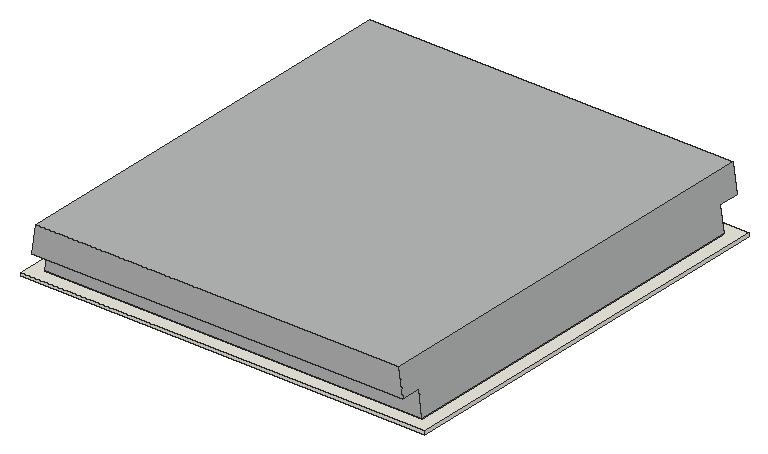
Revit family "OPERLUX", category Осветительные приборы, Revit 2019 (continued)
Types (8, lengths in mm): name | Файл фотометрической сетки | built-in parameter 1150105 | Lumens | built-in parameter 1150106 | built-in parameter 1150142 | Wattage | ADSK_Ток | ADSK_Полная мощность | ADSK_Обозначение | ADSK_Номинальная мощность | ADSK_Наименование | ADSK_Код изделия
  CSVT Operlux-34/prisma  (IP20, 4000К, грильято) c БАП на 3 час. | "Светильник OPERLUX-34 PRISMA-(588x588).IES" | 246.69 (stored number, unit not read) | 3100 lm | 2.4669 (stored number, unit not read) | "IESNA:LM-63-95\r\n[TEST] Протокол № 50\r\n[DATA] 17.06.2016\r\n[MORE] \r\n[MANUFAC] ЗАО \"Центрстройсвет\"\r\n[LUMCAT]  Светильник OPERLUX-34/PRISMA-(588x588) \r\n[LUMINAIRE]\r\n[LAMPCAT] Светодиоды\r\n[LAMP] Поток источника света (светодиодов) не известен\r\n[MORE] КСС приведена в абсолютных величинах кд\r\n[MORE] Вместо потока лампы, указан поток светильника.\r\nTILT=NONE\r\n1    3050 1.0 37 73 1 2 0.588 0.588 0.08\r\n1.0 1.0 34\r\n0.0 5.0 10.0 15.0 20.0 25.0 30.0 35.0 40.0 45.0 50.0 55.0 60.0 65.0 70.0 75.0 80.0 85.0 90.0 95.0 100.0 105.0 110.0 115.0 120.0 125.0 130.0 135.0 140.0 145.0 150.0 155.0 160.0 165.0 170.0 175.0 180.0\r\n0.0 5.0 10.0 15.0 20.0 25.0 30.0 35.0 40.0 45.0 50.0 55.0 60.0 65.0 70.0 75.0 80.0 85.0 90.0 95.0 100.0 105.0 110.0 115.0 120.0 125.0 130.0 135.0 140.0 145.0 150.0 155.0 160.0 165.0 170.0 175.0 180.0 185.0 190.0 195.0 200.0 205.0 210.0 215.0 220.0 225.0 230.0 235.0 240.0 245.0 250.0 255.0 260.0 265.0 270.0 275.0 280.0 285.0 290.0 295.0 300.0 305.0 310.0 315.0 320.0 325.0 330.0 335.0 340.0 345.0 350.0 355.0 360.0\r\n1367.8 1364.1 1339.9 1310.7 1251.0 1171.4 1077.9 956.5 826.9 709.2 591.4 468.7 352.2 267.2 190.7 130.0 88.6 43.5 5.5 0.0 0.0 0.0 0.0 0.0 0.0 0.0 0.0 0.0 0.0 0.0 0.0 0.0 0.0 0.0 0.0 0.0 0.0\r\n1367.8 1365.7 1344.6 1309.2 1251.5 1175.2 1073.4 954.2 830.4 711.2 594.6 469.5 356.0 268.7 191.9 132.6 89.9 43.9 6.3 0.0 0.0 0.0 0.0 0.0 0.0 0.0 0.0 0.0 0.0 0.0 0.0 0.0 0.0 0.0 0.0 0.0 0.0\r\n1367.8 1367.4 1347.2 1302.8 1251.5 1178.6 1078.4 958.6 835.1 714.0 597.2 474.3 359.6 268.7 192.7 135.6 92.1 44.3 6.9 0.0 0.0 0.0 0.0 0.0 0.0 0.0 0.0 0.0 0.0 0.0 0.0 0.0 0.0 0.0 0.0 0.0 0.0\r\n1367.8 1368.2 1346.2 1303.1 1250.1 1177.1 1081.4 960.9 838.1 716.2 597.6 475.0 358.6 266.4 190.9 134.8 91.7 44.9 7.0 0.0 0.0 0.0 0.0 0.0 0.0 0.0 0.0 0.0 0.0 0.0 0.0 0.0 0.0 0.0 0.0 0.0 0.0\r\n1367.8 1367.7 1343.5 1306.2 1256.1 1180.0 1081.0 961.6 838.1 714.0 595.7 473.1 356.8 262.2 188.3 132.8 89.3 43.7 6.6 0.0 0.0 0.0 0.0 0.0 0.0 0.0 0.0 0.0 0.0 0.0 0.0 0.0 0.0 0.0 0.0 0.0 0.0\r\n1367.8 1366.2 1344.8 1309.0 1256.2 1184.6 1080.4 962.6 836.8 714.8 593.8 469.6 354.4 260.1 184.9 130.4 88.4 44.2 6.5 0.0 0.0 0.0 0.0 0.0 0.0 0.0 0.0 0.0 0.0 0.0 0.0 0.0 0.0 0.0 0.0 0.0 0.0\r\n1367.8 1364.3 1347.6 1312.1 1259.9 1177.4 1078.5 968.2 849.1 721.6 596.0 467.2 355.0 257.4 183.3 127.1 87.5 45.4 6.5 0.0 0.0 0.0 0.0 0.0 0.0 0.0 0.0 0.0 0.0 0.0 0.0 0.0 0.0 0.0 0.0 0.0 0.0\r\n1367.8 1363.3 1348.8 1312.0 1262.8 1181.2 1077.4 968.8 853.2 730.0 597.2 466.8 353.5 256.9 181.1 124.8 87.2 45.9 6.9 0.0 0.0 0.0 0.0 0.0 0.0 0.0 0.0 0.0 0.0 0.0 0.0 0.0 0.0 0.0 0.0 0.0 0.0\r\n1367.8 1364.0 1350.3 1308.2 1255.9 1182.2 1079.9 969.0 856.0 734.3 601.1 468.4 352.6 254.4 178.0 121.7 85.5 45.0 6.9 0.0 0.0 0.0 0.0 0.0 0.0 0.0 0.0 0.0 0.0 0.0 0.0 0.0 0.0 0.0 0.0 0.0 0.0\r\n1367.8 1364.9 1349.2 1313.0 1259.2 1178.2 1076.4 970.7 860.9 740.8 606.9 469.1 350.2 254.0 175.6 117.8 83.6 43.4 6.7 0.0 0.0 0.0 0.0 0.0 0.0 0.0 0.0 0.0 0.0 0.0 0.0 0.0 0.0 0.0 0.0 0.0 0.0\r\n1367.8 1365.0 1348.6 1315.3 1261.5 1184.1 1082.6 973.9 862.8 745.2 607.9 469.0 350.5 253.1 173.2 116.2 81.4 42.4 6.5 0.0 0.0 0.0 0.0 0.0 0.0 0.0 0.0 0.0 0.0 0.0 0.0 0.0 0.0 0.0 0.0 0.0 0.0\r\n1367.8 1364.4 1347.9 1315.3 1258.7 1186.3 1085.9 970.5 862.2 747.0 613.0 468.8 350.2 252.8 173.4 116.6 79.8 40.9 6.7 0.0 0.0 0.0 0.0 0.0 0.0 0.0 0.0 0.0 0.0 0.0 0.0 0.0 0.0 0.0 0.0 0.0 0.0\r\n1367.8 1363.4 1347.0 1308.3 1258.6 1184.3 1089.8 973.9 867.7 742.3 606.2 467.0 350.0 252.6 175.4 119.1 79.8 42.1 7.1 0.0 0.0 0.0 0.0 0.0 0.0 0.0 0.0 0.0 0.0 0.0 0.0 0.0 0.0 0.0 0.0 0.0 0.0\r\n1367.8 1362.6 1348.4 1308.2 1261.4 1190.2 1088.3 978.6 869.6 744.0 601.1 462.4 350.2 253.6 175.9 123.0 83.5 45.3 7.8 0.0 0.0 0.0 0.0 0.0 0.0 0.0 0.0 0.0 0.0 0.0 0.0 0.0 0.0 0.0 0.0 0.0 0.0\r\n1367.8 1362.3 1347.3 1311.1 1262.3 1191.1 1093.6 982.5 872.1 746.6 597.2 461.1 348.8 251.4 176.3 127.6 89.2 48.5 7.9 0.0 0.0 0.0 0.0 0.0 0.0 0.0 0.0 0.0 0.0 0.0 0.0 0.0 0.0 0.0 0.0 0.0 0.0\r\n1367.8 1362.5 1345.8 1316.1 1260.6 1190.3 1096.8 982.6 873.3 743.8 593.1 456.4 347.2 250.6 175.7 130.9 94.2 51.8 9.3 0.0 0.0 0.0 0.0 0.0 0.0 0.0 0.0 0.0 0.0 0.0 0.0 0.0 0.0 0.0 0.0 0.0 0.0\r\n1367.8 1363.2 1345.2 1315.5 1267.1 1195.5 1096.1 995.9 871.3 740.3 589.0 455.0 342.8 246.9 174.2 131.9 97.1 52.4 10.1 0.0 0.0 0.0 0.0 0.0 0.0 0.0 0.0 0.0 0.0 0.0 0.0 0.0 0.0 0.0 0.0 0.0 0.0\r\n1367.8 1364.5 1346.0 1317.2 1264.0 1194.7 1102.6 991.8 873.9 736.2 584.7 454.3 338.6 243.0 171.3 130.1 99.3 53.7 9.5 0.0 0.0 0.0 0.0 0.0 0.0 0.0 0.0 0.0 0.0 0.0 0.0 0.0 0.0 0.0 0.0 0.0 0.0\r\n1367.8 1365.9 1346.4 1317.1 1264.0 1198.2 1105.3 994.6 872.6 727.7 582.0 451.8 335.8 239.9 168.3 127.6 100.0 55.8 7.5 0.0 0.0 0.0 0.0 0.0 0.0 0.0 0.0 0.0 0.0 0.0 0.0 0.0 0.0 0.0 0.0 0.0 0.0\r\n1367.8 1366.3 1344.9 1317.5 1265.6 1200.4 1108.2 997.2 868.8 722.7 575.8 446.5 333.1 238.4 167.7 126.3 98.1 56.1 8.8 0.0 0.0 0.0 0.0 0.0 0.0 0.0 0.0 0.0 0.0 0.0 0.0 0.0 0.0 0.0 0.0 0.0 0.0\r\n1367.8 1365.9 1344.0 1313.0 1263.2 1200.6 1104.3 997.0 862.7 720.9 568.5 441.0 331.7 237.8 167.7 126.3 96.7 53.7 9.4 0.0 0.0 0.0 0.0 0.0 0.0 0.0 0.0 0.0 0.0 0.0 0.0 0.0 0.0 0.0 0.0 0.0 0.0\r\n1367.8 1365.3 1346.1 1312.6 1263.0 1198.3 1108.1 995.3 861.6 712.7 563.4 437.4 331.4 236.8 165.9 124.7 95.3 55.2 9.1 0.0 0.0 0.0 0.0 0.0 0.0 0.0 0.0 0.0 0.0 0.0 0.0 0.0 0.0 0.0 0.0 0.0 0.0\r\n1367.8 1364.9 1349.2 1313.0 1262.9 1199.0 1108.3 993.8 855.7 710.3 563.1 435.2 329.9 233.9 163.4 121.6 92.0 55.1 8.8 0.0 0.0 0.0 0.0 0.0 0.0 0.0 0.0 0.0 0.0 0.0 0.0 0.0 0.0 0.0 0.0 0.0 0.0\r\n1367.8 1364.1 1352.0 1313.2 1259.2 1197.0 1104.6 988.6 849.9 704.2 562.4 433.5 327.9 230.5 158.4 116.9 87.6 51.4 7.8 0.0 0.0 0.0 0.0 0.0 0.0 0.0 0.0 0.0 0.0 0.0 0.0 0.0 0.0 0.0 0.0 0.0 0.0\r\n1367.8 1363.0 1349.6 1313.3 1257.8 1193.2 1098.7 980.1 848.0 708.1 565.6 433.4 325.1 228.0 154.2 111.3 83.7 49.7 7.5 0.0 0.0 0.0 0.0 0.0 0.0 0.0 0.0 0.0 0.0 0.0 0.0 0.0 0.0 0.0 0.0 0.0 0.0\r\n1367.8 1361.9 1346.7 1314.1 1256.8 1193.2 1093.6 977.6 847.2 708.6 569.1 434.8 324.5 225.9 151.7 107.5 81.6 48.9 7.3 0.0 0.0 0.0 0.0 0.0 0.0 0.0 0.0 0.0 0.0 0.0 0.0 0.0 0.0 0.0 0.0 0.0 0.0\r\n1367.8 1361.2 1345.0 1309.5 1261.1 1193.3 1089.9 973.2 851.1 709.3 572.7 435.0 323.4 225.4 152.1 105.8 80.4 49.9 7.3 0.0 0.0 0.0 0.0 0.0 0.0 0.0 0.0 0.0 0.0 0.0 0.0 0.0 0.0 0.0 0.0 0.0 0.0\r\n1367.8 1360.5 1345.3 1307.2 1258.6 1186.4 1085.9 974.0 847.9 714.1 575.5 436.8 321.2 223.3 152.0 105.2 79.8 49.6 8.0 0.0 0.0 0.0 0.0 0.0 0.0 0.0 0.0 0.0 0.0 0.0 0.0 0.0 0.0 0.0 0.0 0.0 0.0\r\n1367.8 1360.0 1344.3 1308.1 1257.8 1178.2 1085.3 975.1 848.7 715.2 575.4 439.1 318.7 223.0 150.8 104.3 79.3 49.5 8.2 0.0 0.0 0.0 0.0 0.0 0.0 0.0 0.0 0.0 0.0 0.0 0.0 0.0 0.0 0.0 0.0 0.0 0.0\r\n1367.8 1360.5 1346.2 1311.6 1256.3 1174.7 1082.9 978.6 851.4 710.5 574.9 440.6 317.9 221.6 152.3 106.4 79.3 48.7 8.4 0.0 0.0 0.0 0.0 0.0 0.0 0.0 0.0 0.0 0.0 0.0 0.0 0.0 0.0 0.0 0.0 0.0 0.0\r\n1367.8 1361.9 1350.3 1309.3 1252.2 1172.6 1080.3 970.8 851.2 713.3 570.6 439.7 319.0 222.4 154.5 110.7 81.7 47.4 8.1 0.0 0.0 0.0 0.0 0.0 0.0 0.0 0.0 0.0 0.0 0.0 0.0 0.0 0.0 0.0 0.0 0.0 0.0\r\n1367.8 1363.7 1348.0 1307.6 1253.5 1171.4 1087.1 971.6 851.9 710.7 569.9 438.2 323.8 226.5 159.3 115.4 83.3 45.0 7.6 0.0 0.0 0.0 0.0 0.0 0.0 0.0 0.0 0.0 0.0 0.0 0.0 0.0 0.0 0.0 0.0 0.0 0.0\r\n1367.8 1365.3 1346.4 1312.3 1251.8 1172.7 1086.5 974.6 847.7 705.0 567.7 442.4 326.6 234.0 164.3 120.1 85.8 43.9 7.4 0.0 0.0 0.0 0.0 0.0 0.0 0.0 0.0 0.0 0.0 0.0 0.0 0.0 0.0 0.0 0.0 0.0 0.0\r\n1367.8 1366.2 1347.0 1309.1 1250.4 1170.7 1085.2 978.5 846.6 705.8 567.4 441.3 331.1 236.3 167.7 122.8 88.4 45.0 8.1 0.0 0.0 0.0 0.0 0.0 0.0 0.0 0.0 0.0 0.0 0.0 0.0 0.0 0.0 0.0 0.0 0.0 0.0\r\n1367.8 1366.0 1347.9 1306.2 1240.5 1166.7 1082.2 977.2 844.2 702.8 566.8 442.7 335.1 241.3 169.7 123.7 90.0 45.9 9.2 0.0 0.0 0.0 0.0 0.0 0.0 0.0 0.0 0.0 0.0 0.0 0.0 0.0 0.0 0.0 0.0 0.0 0.0\r\n1367.8 1364.3 1346.5 1311.7 1250.6 1170.3 1080.9 980.5 844.4 703.8 569.8 446.4 334.2 240.3 169.5 121.7 87.9 46.9 9.3 0.0 0.0 0.0 0.0 0.0 0.0 0.0 0.0 0.0 0.0 0.0 0.0 0.0 0.0 0.0 0.0 0.0 0.0\r\n1367.8 1361.6 1341.0 1307.3 1249.6 1169.2 1088.8 980.5 845.1 706.2 571.7 444.8 333.0 238.4 168.9 120.7 87.1 47.8 7.8 0.0 0.0 0.0 0.0 0.0 0.0 0.0 0.0 0.0 0.0 0.0 0.0 0.0 0.0 0.0 0.0 0.0 0.0\r\n1367.8 1359.4 1337.2 1303.3 1252.4 1170.4 1080.4 978.1 841.4 701.4 566.4 444.4 333.5 241.2 169.4 122.2 88.2 47.2 9.5 0.0 0.0 0.0 0.0 0.0 0.0 0.0 0.0 0.0 0.0 0.0 0.0 0.0 0.0 0.0 0.0 0.0 0.0\r\n1367.8 1359.3 1342.6 1310.3 1242.7 1173.0 1078.8 976.3 844.8 702.0 565.3 440.7 332.8 240.9 169.9 123.5 89.5 46.1 9.1 0.0 0.0 0.0 0.0 0.0 0.0 0.0 0.0 0.0 0.0 0.0 0.0 0.0 0.0 0.0 0.0 0.0 0.0\r\n1367.8 1361.3 1345.4 1306.4 1248.2 1167.7 1080.4 980.5 846.8 703.5 567.2 443.4 333.2 240.2 168.7 123.1 88.4 46.2 8.4 0.0 0.0 0.0 0.0 0.0 0.0 0.0 0.0 0.0 0.0 0.0 0.0 0.0 0.0 0.0 0.0 0.0 0.0\r\n1367.8 1364.4 1343.1 1308.2 1251.3 1170.9 1084.2 980.8 848.5 707.7 571.1 445.6 332.7 238.1 167.5 120.7 85.6 44.6 7.7 0.0 0.0 0.0 0.0 0.0 0.0 0.0 0.0 0.0 0.0 0.0 0.0 0.0 0.0 0.0 0.0 0.0 0.0\r\n1367.8 1366.7 1342.9 1310.2 1254.3 1176.8 1087.8 981.7 853.4 711.9 574.2 446.0 329.4 232.8 162.6 116.6 83.7 45.3 8.1 0.0 0.0 0.0 0.0 0.0 0.0 0.0 0.0 0.0 0.0 0.0 0.0 0.0 0.0 0.0 0.0 0.0 0.0\r\n1367.8 1367.7 1346.5 1310.6 1258.1 1183.1 1085.5 978.6 854.1 714.2 577.9 448.7 327.1 229.4 158.3 112.1 82.0 47.9 9.0 0.0 0.0 0.0 0.0 0.0 0.0 0.0 0.0 0.0 0.0 0.0 0.0 0.0 0.0 0.0 0.0 0.0 0.0\r\n1367.8 1367.3 1348.0 1310.6 1262.6 1180.1 1086.5 982.6 856.7 719.8 579.9 448.7 324.7 226.8 155.7 107.8 80.3 50.1 9.5 0.0 0.0 0.0 0.0 0.0 0.0 0.0 0.0 0.0 0.0 0.0 0.0 0.0 0.0 0.0 0.0 0.0 0.0\r\n1367.8 1365.6 1348.6 1309.9 1259.0 1186.0 1089.0 979.4 855.0 722.2 584.2 450.5 325.6 227.6 155.8 107.2 80.5 51.4 9.6 0.0 0.0 0.0 0.0 0.0 0.0 0.0 0.0 0.0 0.0 0.0 0.0 0.0 0.0 0.0 0.0 0.0 0.0\r\n1367.8 1363.3 1347.7 1306.8 1261.1 1190.7 1095.5 982.3 860.8 723.2 585.7 446.3 327.8 230.3 158.2 109.3 81.7 51.4 9.3 0.0 0.0 0.0 0.0 0.0 0.0 0.0 0.0 0.0 0.0 0.0 0.0 0.0 0.0 0.0 0.0 0.0 0.0\r\n1367.8 1361.0 1344.4 1306.7 1264.4 1191.7 1095.0 984.8 858.7 723.1 583.6 444.8 328.4 232.3 158.6 109.9 81.8 51.7 9.0 0.0 0.0 0.0 0.0 0.0 0.0 0.0 0.0 0.0 0.0 0.0 0.0 0.0 0.0 0.0 0.0 0.0 0.0\r\n1367.8 1359.1 1344.3 1308.4 1263.8 1198.1 1102.2 989.8 861.5 721.8 582.8 444.8 331.3 233.7 158.6 111.1 83.0 50.9 8.9 0.0 0.0 0.0 0.0 0.0 0.0 0.0 0.0 0.0 0.0 0.0 0.0 0.0 0.0 0.0 0.0 0.0 0.0\r\n1367.8 1357.8 1346.5 1313.8 1263.6 1192.7 1107.0 996.3 859.5 718.8 579.1 442.9 332.1 234.9 160.7 114.1 84.6 51.0 9.2 0.0 0.0 0.0 0.0 0.0 0.0 0.0 0.0 0.0 0.0 0.0 0.0 0.0 0.0 0.0 0.0 0.0 0.0\r\n1367.8 1357.7 1347.3 1313.2 1264.3 1198.9 1108.1 998.6 864.9 718.7 573.2 441.1 332.1 237.8 164.0 118.2 87.5 52.0 9.8 0.0 0.0 0.0 0.0 0.0 0.0 0.0 0.0 0.0 0.0 0.0 0.0 0.0 0.0 0.0 0.0 0.0 0.0\r\n1367.8 1358.5 1346.9 1313.1 1266.5 1195.6 1112.2 1002.8 870.4 722.5 574.7 443.8 335.7 239.1 166.4 121.6 91.2 55.8 10.9 0.0 0.0 0.0 0.0 0.0 0.0 0.0 0.0 0.0 0.0 0.0 0.0 0.0 0.0 0.0 0.0 0.0 0.0\r\n1367.8 1359.8 1344.7 1312.9 1269.5 1203.1 1107.5 1002.6 874.5 724.4 574.3 444.8 335.5 240.3 169.6 124.4 94.2 56.9 11.6 0.0 0.0 0.0 0.0 0.0 0.0 0.0 0.0 0.0 0.0 0.0 0.0 0.0 0.0 0.0 0.0 0.0 0.0\r\n1367.8 1361.7 1344.5 1316.7 1266.1 1199.3 1111.1 1004.7 879.7 733.6 577.6 446.7 337.8 241.2 168.7 126.0 96.3 56.5 11.7 0.0 0.0 0.0 0.0 0.0 0.0 0.0 0.0 0.0 0.0 0.0 0.0 0.0 0.0 0.0 0.0 0.0 0.0\r\n1367.8 1363.9 1346.7 1316.2 1265.7 1198.1 1117.1 1006.7 882.1 737.2 586.5 450.4 338.9 242.3 167.8 125.5 98.6 58.1 10.5 0.0 0.0 0.0 0.0 0.0 0.0 0.0 0.0 0.0 0.0 0.0 0.0 0.0 0.0 0.0 0.0 0.0 0.0\r\n1367.8 1365.2 1345.4 1319.5 1265.7 1198.8 1109.1 1003.5 876.9 742.6 589.1 456.4 341.1 242.1 167.5 126.8 100.2 57.9 8.8 0.0 0.0 0.0 0.0 0.0 0.0 0.0 0.0 0.0 0.0 0.0 0.0 0.0 0.0 0.0 0.0 0.0 0.0\r\n1367.8 1365.0 1345.2 1312.9 1265.8 1199.0 1109.7 999.6 877.6 742.6 595.8 457.7 342.1 245.3 170.4 128.5 99.0 56.9 11.0 0.0 0.0 0.0 0.0 0.0 0.0 0.0 0.0 0.0 0.0 0.0 0.0 0.0 0.0 0.0 0.0 0.0 0.0\r\n1367.8 1364.1 1347.9 1311.6 1271.1 1195.3 1102.7 998.9 881.1 745.5 597.2 460.9 345.1 248.6 174.0 129.7 96.5 55.6 11.2 0.0 0.0 0.0 0.0 0.0 0.0 0.0 0.0 0.0 0.0 0.0 0.0 0.0 0.0 0.0 0.0 0.0 0.0\r\n1367.8 1363.0 1347.3 1314.0 1269.6 1192.3 1104.9 991.5 878.3 748.8 603.5 463.3 348.1 251.3 177.2 130.4 94.2 55.0 10.3 0.0 0.0 0.0 0.0 0.0 0.0 0.0 0.0 0.0 0.0 0.0 0.0 0.0 0.0 0.0 0.0 0.0 0.0\r\n1367.8 1362.4 1346.2 1314.7 1264.3 1194.7 1094.8 992.0 878.4 749.1 608.2 465.6 349.4 252.9 177.2 127.6 90.1 51.7 8.7 0.0 0.0 0.0 0.0 0.0 0.0 0.0 0.0 0.0 0.0 0.0 0.0 0.0 0.0 0.0 0.0 0.0 0.0\r\n1367.8 1362.7 1348.0 1314.5 1265.5 1196.6 1094.9 983.4 872.0 752.6 609.3 469.0 352.6 254.1 177.1 125.0 85.8 47.2 8.1 0.0 0.0 0.0 0.0 0.0 0.0 0.0 0.0 0.0 0.0 0.0 0.0 0.0 0.0 0.0 0.0 0.0 0.0\r\n1367.8 1362.9 1347.6 1317.1 1264.6 1191.1 1090.4 981.6 868.8 748.7 612.1 472.2 352.0 253.6 176.2 121.4 83.1 43.4 6.9 0.0 0.0 0.0 0.0 0.0 0.0 0.0 0.0 0.0 0.0 0.0 0.0 0.0 0.0 0.0 0.0 0.0 0.0\r\n1367.8 1362.5 1343.6 1318.7 1268.8 1192.3 1085.5 974.5 866.1 750.5 612.3 472.0 350.7 253.1 174.7 119.5 83.2 43.3 6.3 0.0 0.0 0.0 0.0 0.0 0.0 0.0 0.0 0.0 0.0 0.0 0.0 0.0 0.0 0.0 0.0 0.0 0.0\r\n1367.8 1362.1 1341.3 1317.3 1267.8 1185.0 1082.2 972.1 864.2 747.6 611.4 473.0 350.1 254.2 174.7 118.9 84.4 45.4 6.1 0.0 0.0 0.0 0.0 0.0 0.0 0.0 0.0 0.0 0.0 0.0 0.0 0.0 0.0 0.0 0.0 0.0 0.0\r\n1367.8 1362.2 1343.6 1308.9 1260.0 1189.4 1084.9 971.7 859.6 740.4 606.9 470.8 351.4 253.9 176.6 120.3 86.5 45.9 6.5 0.0 0.0 0.0 0.0 0.0 0.0 0.0 0.0 0.0 0.0 0.0 0.0 0.0 0.0 0.0 0.0 0.0 0.0\r\n1367.8 1363.0 1342.9 1314.5 1263.9 1184.9 1081.6 971.9 853.4 735.2 605.3 467.7 352.3 254.8 180.1 122.7 87.8 46.6 6.8 0.0 0.0 0.0 0.0 0.0 0.0 0.0 0.0 0.0 0.0 0.0 0.0 0.0 0.0 0.0 0.0 0.0 0.0\r\n1367.8 1364.3 1340.2 1313.1 1261.0 1182.5 1084.4 971.4 852.3 730.7 600.0 466.2 354.3 255.8 181.2 124.6 88.4 46.8 6.6 0.0 0.0 0.0 0.0 0.0 0.0 0.0 0.0 0.0 0.0 0.0 0.0 0.0 0.0 0.0 0.0 0.0 0.0\r\n1367.8 1365.9 1343.5 1308.2 1258.3 1181.3 1083.1 966.4 845.6 721.0 594.9 467.0 352.2 259.1 183.4 126.7 88.1 45.4 6.1 0.0 0.0 0.0 0.0 0.0 0.0 0.0 0.0 0.0 0.0 0.0 0.0 0.0 0.0 0.0 0.0 0.0 0.0\r\n1367.8 1366.3 1345.1 1308.7 1254.7 1177.8 1080.9 969.9 838.6 714.9 593.4 465.7 351.7 258.6 185.5 129.6 88.1 44.0 5.9 0.0 0.0 0.0 0.0 0.0 0.0 0.0 0.0 0.0 0.0 0.0 0.0 0.0 0.0 0.0 0.0 0.0 0.0\r\n1367.8 1364.5 1343.2 1306.3 1248.4 1177.3 1082.4 962.7 833.3 713.0 595.0 468.9 352.8 260.9 187.3 132.3 88.7 43.5 6.0 0.0 0.0 0.0 0.0 0.0 0.0 0.0 0.0 0.0 0.0 0.0 0.0 0.0 0.0 0.0 0.0 0.0 0.0\r\n1367.8 1362.4 1346.0 1305.7 1255.8 1170.9 1078.4 956.8 832.7 709.6 592.6 470.6 355.6 263.8 189.2 133.7 90.3 44.0 6.3 0.0 0.0 0.0 0.0 0.0 0.0 0.0 0.0 0.0 0.0 0.0 0.0 0.0 0.0 0.0 0.0 0.0 0.0\r\n1367.8 1362.0 1346.8 1311.0 1252.6 1177.3 1074.5 958.3 825.6 709.7 591.0 467.7 356.3 264.6 188.4 133.0 90.3 43.3 6.2 0.0 0.0 0.0 0.0 0.0 0.0 0.0 0.0 0.0 0.0 0.0 0.0 0.0 0.0 0.0 0.0 0.0 0.0\r\n1367.8 1363.0 1341.5 1311.3 1242.3 1175.5 1082.4 953.9 818.8 707.4 591.0 466.6 352.5 265.4 188.6 130.9 89.0 43.1 6.3 0.0 0.0 0.0 0.0 0.0 0.0 0.0 0.0 0.0 0.0 0.0 0.0 0.0 0.0 0.0 0.0 0.0 0.0\r\n1367.8 1364.1 1339.9 1310.7 1251.0 1171.4 1077.9 956.5 826.9 709.2 591.4 468.7 352.2 267.2 190.7 130.0 88.6 43.5 5.5 0.0 0.0 0.0 0.0 0.0 0.0 0.0 0.0 0.0 0.0 0.0 0.0 0.0 0.0 0.0 0.0 0.0 0.0\r\n" | 20.8695 W | 0.151229 A | 34.7826 VA | "CSVT Operlux-34/prisma  (IP20, 4000К, грильято)" | 32 W | "Встраиваемый светодиодный светильник CSVT Operlux-34/prisma  (IP20, 4000К, грильято) c БАП на 3 час." | "ЦБ000006770"
